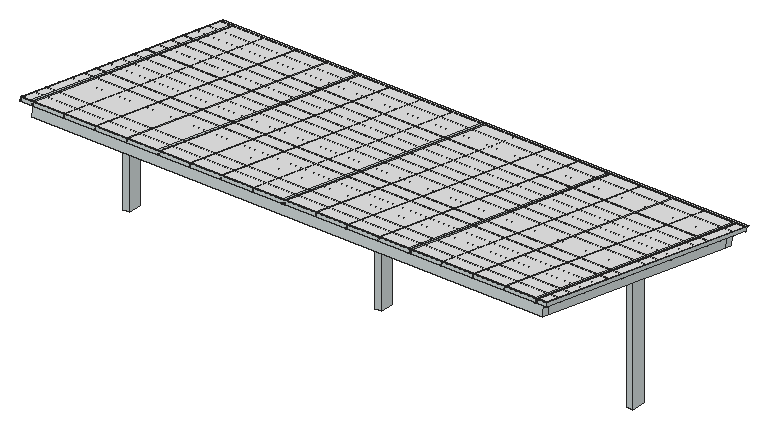
Revit family "Structures Unlimited Double Wing Single Slope Canopy", category Generic Models, Revit 2018 (continued)
Definition of nested family "Double Wing Single Slope Canopy Columns"
  Dimensions and locks (in)
    aligned and locked: Sweep 1 sketch curve to plane 17
    aligned and locked: Sweep 1 sketch curve to plane 18
    aligned and locked: Sweep 1 sketch curve to plane 19
    aligned and locked: Sweep 1 sketch curve to plane 20
    aligned and locked: Sweep 1 sketch curve to plane 22
    aligned and locked: Sweep 1 sketch curve to plane 21
    aligned and locked: Sweep 1 sketch curve to plane 23
    aligned and locked: Sweep 1 sketch curve to plane 24
    aligned and locked: Sweep 1 sketch curve to plane 25
    aligned and locked: Sweep 1 sketch curve to plane 26
    aligned and locked: Sweep 1 sketch curve to plane 27
    aligned and locked: Sweep 1 sketch curve to plane 28
    aligned and locked: Sweep 1 sketch curve to plane 29
    aligned and locked: Sweep 1 sketch curve to plane 30
    aligned and locked: Sweep 1 sketch curve to plane 31
    aligned and locked: Sweep 1 sketch curve to plane 32
    aligned and locked: Sweep 1 sketch curve to plane 33
    aligned and locked: Sweep 1 sketch curve to plane 34
    aligned and locked: Sweep 1 sketch curve to plane 35
    aligned and locked: Sweep 1 sketch curve to plane 36
    aligned and locked: Sweep 1 sketch curve to plane 37
    aligned and locked: Sweep 1 sketch curve to plane 38
    aligned and locked: Sweep 1 sketch curve to plane 39
    aligned and locked: Sweep 1 sketch curve to plane 40
    aligned and locked: Sweep 1 sketch curve to plane 43
    aligned and locked: Sweep 1 sketch curve to plane 44
    aligned and locked: Sweep 1 sketch curve to plane 45
    aligned and locked: Sweep 1 sketch curve to plane 46
    aligned and locked: Sweep 1 sketch curve to plane 47
    aligned and locked: Sweep 1 sketch curve to plane 48
    aligned and locked: Sweep 1 sketch curve to plane 49
    aligned and locked: Sweep 1 sketch curve to plane 50
    aligned and locked: Sweep 1 sketch curve to plane 51
    aligned and locked: Sweep 1 sketch curve to plane 52
    aligned and locked: Sweep 1 sketch curve to plane 53
    aligned and locked: Sweep 1 sketch curve to plane 54
    aligned and locked: Sweep 1 sketch curve to plane 57
    aligned and locked: Sweep 1 sketch curve to plane 56
    aligned and locked: Sweep 1 sketch curve to plane 55
    aligned and locked: Sweep 1 sketch curve to plane 58
    aligned and locked: Sweep 1 sketch curve to plane 60
    aligned and locked: Sweep 1 sketch curve to plane 59
    aligned and locked: Sweep 1 sketch curve to plane 61
    aligned and locked: Sweep 1 sketch curve to plane 62
    aligned and locked: Sweep 1 sketch curve to plane 63
    aligned and locked: plane 41 to Sweep 1 sketch curve  (x25)
    aligned and locked: plane 42 to Sweep 1 sketch curve
    aligned and locked: Sweep 1 sketch curve to plane 42  (x24)
    aligned and locked: Sweep 1 sketch curve to profile plane
    aligned and locked: Sweep 1 sketch curve to plane 10
    aligned and locked: Extrusion 2 sketch curve to plane 7
    aligned and locked: Extrusion 2 sketch curve to plane 8
    aligned and locked: Extrusion 2 sketch curve to plane 2
    aligned and locked: curve 2 to Extrusion 2 sketch curve
    aligned and locked: Extrusion 2 to plane 4
    aligned and locked: plane 6 to Extrusion 2
  Automatic sketch dimensions
    plane 11 to curve 6 = 0' - 0"
    curve 1 to plane 3 "Center (Left/Right)" = 0' - 0"
    curve 3 to plane 12 = 0' - 0"
    curve 1 to plane 9 = 0' - 0"
    level to curve 2 = 10' - 11.41651"
    plane 11 to curve 7 = 4' - 5.54203"
    curve 4 to plane 8 = 2' - 4.33911"
Definition of nested family "Double Wing Single Slope Canopy Rafters"
  Parameters (values of type "Double Wing Single Slope Canopy Rafters")
    Width Of Canopy [instance] = 20' - 10"
    Void Width [instance] = Column Spacing - Beam Width  # 9' - 7"
    Void Offset [instance] = Column Spacing / 2  # 5' - 0"
    Roof Pitch [instance] = 29.00°
    Half Beam Width [instance] = Beam Width / 2  # 0' - 2 1/2"
    Column Spacing [instance] = 10' - 0"
    Column Height [instance] = 2' - 0"
    CTR 2 CTR Of Beams [instance] = 16' - 8"
    CRF [instance] = none
    Beam Width [instance] = 0' - 5"
    Beam Height [instance] = 0' - 10"
  Reference planes (in)
    plane 1 "Center (Front/Back)": y = 0
    plane 2: z = 0
    plane 3 "Center (Left/Right)": x = 0
    plane 4: y = -2.5
    plane 5: y = 200
    plane 6: y = 202.5
    plane 7: x = -5
    plane 8: x = 5
    plane 9: z = 24
    plane 10: z = 1000
    plane 11: x = -125
    plane 12: x = 125
    plane 13: y = 60
    plane 14: y = 180
    plane 15: y = 300
    plane 16: y = 420
    plane 17: y = 540
    plane 18: y = 660
    plane 19: y = 780
    plane 20: y = 900
    plane 21: y = 1140
    plane 22: y = 1020
    plane 23: y = 1260
    plane 24: y = 1380
    plane 25: y = 1500
    plane 26: y = 1620
    plane 27: y = 1740
    plane 28: y = 1860
    plane 29: y = 1980
    plane 30: y = 2100
    plane 31: y = 2220
    plane 32: y = 2340
    plane 33: y = 2460
    plane 34: y = 2580
    plane 35: y = 2700
    plane 36: y = 2820
    plane 37: y = 2940
    plane 38: y = 3060
    plane 39: y = 3180
    plane 40: y = 3300
    plane 41: x = -2000
    plane 42: x = 2000
    plane 43: y = 3420
    plane 44: y = 3540
    plane 45: y = 3660
    plane 46: y = 3780
    plane 47: y = 3900
    plane 48: y = 4020
    plane 49: y = 4140
    plane 50: y = 4260
    plane 51: y = 4380
    plane 52: y = 4500
    plane 53: y = 4620
    plane 54: y = 4740
    plane 55: y = 5100
    plane 56: y = 4980
    plane 57: y = 4860
    plane 58: y = 5220
    plane 59: y = 5460
    plane 60: y = 5340
    plane 61: y = 5580
    plane 62: y = 5700
    plane 63: y = 5820
  Forms (in)
    Sweep 1, void
      path origin (0, 0, 0) x (1, 0, 0) y (0, 1, 0)
        loop
          line (-2000, 5820) -> (2000, 5820) -> (2000, 5700) -> (-2000, 5700) -> (-2000, 5580) -> (2000, 5580) -> (2000, 5460) -> (-2000, 5460) -> (-2000, 5340) -> (2000, 5340) -> (2000, 5220) -> (-2000, 5220) -> (-2000, 5100) -> (2000, 5100) -> (2000, 4980) -> (-2000, 4980) -> (-2000, 4860) -> (2000, 4860) -> (2000, 4740) -> (-2000, 4740) -> (-2000, 4620) -> (2000, 4620) -> (2000, 4500) -> (-2000, 4500) -> (-2000, 4380) -> (2000, 4380) -> (2000, 4260) -> (-2000, 4260) -> (-2000, 4140) -> (2000, 4140) -> (2000, 4020) -> (-2000, 4020) -> (-2000, 3900) -> (2000, 3900) -> (2000, 3780) -> (-2000, 3780) -> (-2000, 3660) -> (2000, 3660) -> (2000, 3540) -> (-2000, 3540) -> (-2000, 3420) -> (2000, 3420) -> (2000, 3300) -> (-2000, 3300) -> (-2000, 3180) -> (2000, 3180) -> (2000, 3060) -> (-2000, 3060) -> (-2000, 2940) -> (2000, 2940) -> (2000, 2820) -> (-2000, 2820) -> (-2000, 2700) -> (2000, 2700) -> (2000, 2580) -> (-2000, 2580) -> (-2000, 2460) -> (2000, 2460) -> (2000, 2340) -> (-2000, 2340) -> (-2000, 2220) -> (2000, 2220) -> (2000, 2100) -> (-2000, 2100) -> (-2000, 1980) -> (2000, 1980) -> (2000, 1860) -> (-2000, 1860) -> (-2000, 1740) -> (2000, 1740) -> (2000, 1620) -> (-2000, 1620) -> (-2000, 1500) -> (2000, 1500) -> (2000, 1380) -> (-2000, 1380) -> (-2000, 1260) -> (2000, 1260) -> (2000, 1140) -> (-2000, 1140) -> (-2000, 1020) -> (2000, 1020) -> (2000, 900) -> (-2000, 900) -> (-2000, 780) -> (2000, 780) -> (2000, 660) -> (-2000, 660) -> (-2000, 540) -> (2000, 540) -> (2000, 420) -> (-2000, 420) -> (-2000, 300) -> (2000, 300) -> (2000, 180) -> (-2000, 180) -> (-2000, 60) -> (2000, 60)
      profile origin (0, 60, 0) x (0, 1, 0) y (0, 0, 1)
        loop
          line (-57.5, 0) -> (57.5, 0) -> (57.5, 1000) -> (-57.5, 1000) -> (-57.5, 0)
    Extrusion 2, solid, material <- "CRF"
      sketch origin (0, 0, 0) x (1, 0, 0) y (0, 0, 1)
        loop
          line (-115.77881, -51.61078) -> (125.475, 82.11839) -> (120.6269, 90.86458) -> (-120.6269, -42.86458) -> (-115.77881, -51.61078)
      from -202.5 to 2.5
  Cuts and joins
    Sweep 1 cuts Extrusion 2
  Lines and regions (in)
    reference lines
      curve 1: line (0, 0, 24) -> (278.12907, 0, 178.16946)
      curve 2: line (-259.75214, 0, -131.41651) -> (474.92841, 0, 275.82358)
      curve 3: line (125, 0, 93.28863) -> (243.28797, 0, -120.10851)
      curve 4: line (33.33911, 0, 248.33593) -> (239.868, 0, -124.25206)
      curve 5: line (0, 0, 24) -> (-440.80833, 0, -220.34405)
      curve 6: line (-125, 0, -45.28863) -> (122.25291, 0, -491.34468)
      curve 7: line (-178.54203, 0, 61.61707) -> (173.42976, 0, -573.35684)
  Dimensions and locks (in)
    "Half Beam Width": plane 6 to plane 5
    "Half Beam Width": plane 4 to plane 1 "Center (Front/Back)"
    "CTR 2 CTR Of Beams": plane 1 "Center (Front/Back)" to plane 5
    equal spacing: plane 7, plane 3 "Center (Left/Right)", plane 8
    "Beam Height": plane 7 to plane 8
    "Column Height": plane 9 to plane 2
    locked: plane 10 to plane 2 at 1000
    "Beam Height": curve 2 to curve 1
    equal spacing: plane 11, plane 3 "Center (Left/Right)", plane 12
    "Width Of Canopy": plane 11 to plane 12
    "Beam Width": curve 4 to curve 3
    equal spacing: plane 41, plane 3 "Center (Left/Right)", plane 42
    locked: plane 41 to plane 3 "Center (Left/Right)" at 2000
    "Void Offset": plane 1 "Center (Front/Back)" to plane 13
    "Column Spacing": plane 18 to plane 17 to plane 16 to plane 15 to plane 14 to plane 13
    "Column Spacing": plane 40 to plane 39 to plane 38 to plane 37 to plane 36 to plane 35 to plane 34 to plane 33 to plane 32 to plane 31 to plane 30 to plane 29 to plane 28 to plane 27 to plane 26 to plane 25 to plane 24 to plane 23 to plane 21 to plane 22 to plane 20 to plane 19 to plane 18
    "Column Spacing": plane 40 to plane 43 to plane 44 to plane 45 to plane 46 to plane 47 to plane 48 to plane 49
    "Column Spacing": plane 54 to plane 53 to plane 52 to plane 51 to plane 50 to plane 49
    "Column Spacing": plane 56 to plane 57 to plane 54
    "Column Spacing": plane 56 to plane 55 to plane 58 to plane 60 to plane 59 to plane 61 to plane 62 to plane 63
    equal spacing: Sweep 1 sketch curve, profile plane, Sweep 1 sketch curve
    "Void Width": Sweep 1 sketch curve to Sweep 1 sketch curve
    "Beam Width": curve 6 to curve 7
    "Roof Pitch": angle plane 2 to curve 1
    "Roof Pitch": angle plane 2 to curve 2
    "Roof Pitch": angle plane 3 "Center (Left/Right)" to curve 3
    "Roof Pitch": angle plane 3 "Center (Left/Right)" to curve 4
    "Roof Pitch": angle plane 2 to curve 5
    "Roof Pitch": angle plane 3 "Center (Left/Right)" to curve 6
    "Roof Pitch": angle plane 3 "Center (Left/Right)" to curve 7
    aligned and locked: plane 2 to level
    aligned and locked: Sweep 1 sketch curve to plane 13
    aligned and locked: Sweep 1 sketch curve to plane 14
    aligned and locked: Sweep 1 sketch curve to plane 15
    aligned and locked: Sweep 1 sketch curve to plane 16
    aligned and locked: Sweep 1 sketch curve to plane 17
    aligned and locked: Sweep 1 sketch curve to plane 18
    aligned and locked: Sweep 1 sketch curve to plane 19
    aligned and locked: Sweep 1 sketch curve to plane 20
    aligned and locked: Sweep 1 sketch curve to plane 22
    aligned and locked: Sweep 1 sketch curve to plane 21
    aligned and locked: Sweep 1 sketch curve to plane 23
    aligned and locked: Sweep 1 sketch curve to plane 24
    aligned and locked: Sweep 1 sketch curve to plane 25
    aligned and locked: Sweep 1 sketch curve to plane 26
    aligned and locked: Sweep 1 sketch curve to plane 27
    aligned and locked: Sweep 1 sketch curve to plane 28
    aligned and locked: Sweep 1 sketch curve to plane 29
    aligned and locked: Sweep 1 sketch curve to plane 30
    aligned and locked: Sweep 1 sketch curve to plane 31
    aligned and locked: Sweep 1 sketch curve to plane 32
    aligned and locked: Sweep 1 sketch curve to plane 33
    aligned and locked: Sweep 1 sketch curve to plane 34
    aligned and locked: Sweep 1 sketch curve to plane 35
    aligned and locked: Sweep 1 sketch curve to plane 36
    aligned and locked: Sweep 1 sketch curve to plane 37
    aligned and locked: Sweep 1 sketch curve to plane 38
    aligned and locked: Sweep 1 sketch curve to plane 39
    aligned and locked: Sweep 1 sketch curve to plane 40
    aligned and locked: Sweep 1 sketch curve to plane 43
    aligned and locked: Sweep 1 sketch curve to plane 44
    aligned and locked: Sweep 1 sketch curve to plane 45
    aligned and locked: Sweep 1 sketch curve to plane 46
    aligned and locked: Sweep 1 sketch curve to plane 47
    aligned and locked: Sweep 1 sketch curve to plane 48
    aligned and locked: Sweep 1 sketch curve to plane 49
    aligned and locked: Sweep 1 sketch curve to plane 50
    aligned and locked: Sweep 1 sketch curve to plane 51
    aligned and locked: Sweep 1 sketch curve to plane 52
    aligned and locked: Sweep 1 sketch curve to plane 53
    aligned and locked: Sweep 1 sketch curve to plane 54
    aligned and locked: Sweep 1 sketch curve to plane 57
    aligned and locked: Sweep 1 sketch curve to plane 56
    aligned and locked: Sweep 1 sketch curve to plane 55
    aligned and locked: Sweep 1 sketch curve to plane 58
    aligned and locked: Sweep 1 sketch curve to plane 60
    aligned and locked: Sweep 1 sketch curve to plane 59
    aligned and locked: Sweep 1 sketch curve to plane 61
    aligned and locked: Sweep 1 sketch curve to plane 62
    aligned and locked: Sweep 1 sketch curve to plane 63
    aligned and locked: plane 41 to Sweep 1 sketch curve  (x25)
    aligned and locked: plane 42 to Sweep 1 sketch curve
    aligned and locked: Sweep 1 sketch curve to plane 42  (x24)
    aligned and locked: Sweep 1 sketch curve to profile plane
    aligned and locked: Sweep 1 sketch curve to plane 10
    aligned and locked: curve 2 to Extrusion 2 sketch curve
    aligned and locked: Extrusion 2 sketch curve to curve 1
    aligned and locked: curve 4 to Extrusion 2 sketch curve
    aligned and locked: curve 7 to Extrusion 2 sketch curve
    aligned and locked: Extrusion 2 to plane 4
    aligned and locked: Extrusion 2 to plane 6
  Automatic sketch dimensions
    plane 11 to curve 6 = 0' - 0"
    curve 1 to plane 3 "Center (Left/Right)" = 0' - 0"
    curve 3 to plane 12 = 0' - 0"
    curve 1 to plane 9 = 0' - 0"
    level to curve 2 = 10' - 11.41651"
    plane 11 to curve 7 = 4' - 5.54203"
    curve 4 to plane 8 = 2' - 4.33911"
Types (14): name | KCRF
  (no name) | KCRF Aluminum #79
  KCRF Aluminum #79 | KCRF Aluminum #79
  KCRF Banner Red #90 | KCRF Banner Red #90
  KCRF Black #95 | KCRF Black #95
  KCRF Blue #15 | KCRF Blue #15
  KCRF Bone White #21B | KCRF Bone White #21B
  KCRF Brick #88 | KCRF Brick #88
  KCRF Bronze #85 | KCRF Bronze #85
  KCRF Coro Blue #48 | KCRF Coro Blue #48
  KCRF Gray #80 | KCRF Gray #80
  KCRF Hartford Green #75 | KCRF Hartford Green #75
  KCRF Minuette #03 | KCRF Minuette #03
  KCRF Mountain Green #70 | KCRF Mountain Green #70
  KCRF White #00 | KCRF White #00
